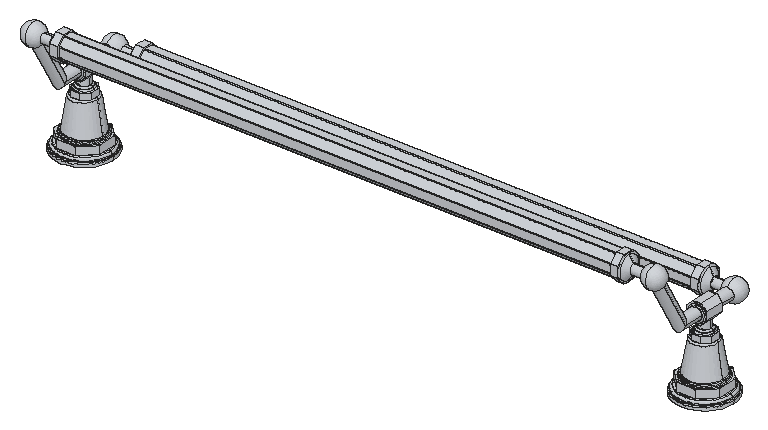
Revit family "Accessory-Towel_Bar-KOHLER-Pinstripe-K-13117_1", category Specialty Equipment, host Face, Revit 2015 (continued)
Definition of nested family "K-13117"
  Lines and regions (in)
    symbolic lines, detail levels medium+fine
      curve 124: arc (-12.17318, 0, 2.13685) -> (-11.99921, 0, 2.15593) -> (-11.82524, 0, 2.13685) r 0.80252
      curve 125: arc (-11.82619, 0, 2.13706) -> (-11.7026, 0, 2.15712) -> (-11.57909, 0, 2.13657) r 0.38614
      curve 126: arc (-12.17318, 0, 1.95893) -> (-12.29622, 0, 1.93866) -> (-12.4193, 0, 1.95866) r 0.38614
      curve 127: arc (-12.17318, 0, 1.95893) -> (-11.99921, 0, 1.93985) -> (-11.82524, 0, 1.95893) r 0.80252
      curve 128: arc (-11.82619, 0, 1.95872) -> (-11.7026, 0, 1.93866) -> (-11.57909, 0, 1.9592) r 0.38614
      curve 129: arc (-10.9552, 0, 3.11356) -> (-10.98818, 0, 3.26005) -> (-10.9552, 0, 3.40655) r 0.34179
      curve 130: arc (-10.9552, 0, 3.11356) -> (-10.98851, 0, 2.90645) -> (-10.9552, 0, 2.69934) r 0.66043
      curve 131: arc (-10.9552, 0, 2.69934) -> (-10.98435, 0, 2.55285) -> (-10.9552, 0, 2.40635) r 0.38261
      curve 132: line (0.03385, 0, 5.26945) -> (-10.9552, 0, 5.26945)
      curve 133: line (0.03385, 0, 4.85523) -> (-10.9552, 0, 4.85523)
      curve 134: arc (-10.9552, 0, 5.26945) -> (-10.98818, 0, 5.41594) -> (-10.9552, 0, 5.56244) r 0.34179
      curve 135: arc (-10.9552, 0, 5.26945) -> (-10.98851, 0, 5.06234) -> (-10.9552, 0, 4.85523) r 0.66043
      curve 136: arc (-10.9552, 0, 4.85523) -> (-10.98435, 0, 4.70807) -> (-10.95469, 0, 4.56101) r 0.38261
      curve 137: line (-11.78672, 1.10514, 0) -> (-11.78683, 0.44089, 0)
      curve 138: line (-12.21469, 1.10478, 0) -> (-12.21469, 0.44089, 0)
      curve 139: line (-12.21469, 1.10478, 0) -> (-11.78672, 1.10514, 0)
      curve 140: line (-11.62497, 0.37489, 0) -> (-11.62497, -0.37489, 0)
      curve 141: line (-11.84396, 0.33429, 0) -> (-11.84396, -0.33429, 0)
      curve 142: line (-11.78683, 0.44089, 0) -> (-11.73269, 0.44089, 0)
      curve 143: arc (-11.73269, 0.44089, 0) -> (-11.70879, 0.43093, 0) -> (-11.69903, 0.40695, 0) r 0.03366
      curve 144: arc (-11.69903, 0.40695, 0) -> (-11.68965, 0.38413, 0) -> (-11.66679, 0.37489, 0) r 0.03179
      curve 145: line (-11.66679, 0.37489, 0) -> (-11.62497, 0.37489, 0)
      curve 146: line (-11.77257, -0.44089, 0) -> (-11.73269, -0.44089, 0)
      curve 147: arc (-11.73269, -0.44089, 0) -> (-11.70879, -0.43093, 0) -> (-11.69903, -0.40695, 0) r 0.03366
      curve 148: arc (-11.69903, -0.40695, 0) -> (-11.68965, -0.38413, 0) -> (-11.66679, -0.37489, 0) r 0.03179
      curve 149: line (-11.66679, -0.37489, 0) -> (-11.62497, -0.37489, 0)
      curve 150: line (-11.6295, -2.25471, 0) -> (-11.6295, -2.61525, 0)
      curve 151: line (-11.77257, -1.1015, 0) -> (-11.77257, -0.44089, 0)
      curve 152: line (-12.37503, 0.37489, 0) -> (-12.37503, -0.37489, 0)
      curve 153: line (-12.15604, 0.33429, 0) -> (-12.15604, -0.33429, 0)
      curve 154: line (-12.21469, 0.44089, 0) -> (-12.26731, 0.44089, 0)
      curve 155: arc (-12.26731, 0.44089, 0) -> (-12.29121, 0.43093, 0) -> (-12.30097, 0.40695, 0) r 0.03366
      curve 156: arc (-12.30097, 0.40695, 0) -> (-12.31035, 0.38413, 0) -> (-12.33321, 0.37489, 0) r 0.03179
      curve 157: line (-12.33321, 0.37489, 0) -> (-12.37503, 0.37489, 0)
      curve 158: line (-12.22743, -0.44089, 0) -> (-12.26731, -0.44089, 0)
      curve 159: arc (-12.26731, -0.44089, 0) -> (-12.29121, -0.43093, 0) -> (-12.30097, -0.40695, 0) r 0.03366
      curve 160: arc (-12.30097, -0.40695, 0) -> (-12.31035, -0.38413, 0) -> (-12.33321, -0.37489, 0) r 0.03179
      curve 161: line (-12.33321, -0.37489, 0) -> (-12.37503, -0.37489, 0)
      curve 162: line (-12.22743, -0.44089, 0) -> (-12.22743, -1.1015, 0)
      curve 163: line (-11.77257, -0.44089, 0) -> (-12.22743, -0.44089, 0)
      curve 164: line (-11.78683, 0.44089, 0) -> (-12.21469, 0.44089, 0)
      curve 165: line (-11.66679, 0.37489, 0) -> (-12.33321, 0.37489, 0)
      curve 166: line (-11.66679, -0.37489, 0) -> (-12.33321, -0.37489, 0)
      curve 167: arc (-11.84396, -0.33429, 0) -> (-11.73446, -0.36169, 0) -> (-11.62497, -0.33429, 0) r 0.2325
      curve 168: arc (-11.84396, -0.33429, 0) -> (-12, -0.36059, 0) -> (-12.15604, -0.33429, 0) r 0.47614
      curve 169: arc (-12.15604, -0.33429, 0) -> (-12.26554, -0.36169, 0) -> (-12.37503, -0.33429, 0) r 0.2325
      curve 170: arc (-11.84396, 0.33429, 0) -> (-11.73446, 0.36169, 0) -> (-11.62497, 0.33429, 0) r 0.2325
      curve 171: arc (-11.84396, 0.33429, 0) -> (-12, 0.36059, 0) -> (-12.15604, 0.33429, 0) r 0.47614
      curve 172: arc (-12.15604, 0.33429, 0) -> (-12.26554, 0.36169, 0) -> (-12.37503, 0.33429, 0) r 0.2325
      curve 173: line (-11.6347, 0.88011, 0) -> (-11.11921, 0.36461, 0)
      curve 174: line (-11.11921, 0.36461, 0) -> (-11.11921, -0.3644, 0)
      curve 175: line (-11.11921, -0.3644, 0) -> (-11.6347, -0.87989, 0)
      curve 176: line (-11.78676, 0.88011, 0) -> (-11.6347, 0.88011, 0)
      curve 177: line (-11.6347, -0.87989, 0) -> (-11.77257, -0.87989, 0)
      curve 178: arc (-11.62497, 0.29157, 0) -> (-11.52496, 0, 0) -> (-11.62497, -0.29157, 0) r 0.47504
      curve 179: arc (-11.78675, 0.94043, 0) -> (-11.03572, 0.00728, 0) -> (-11.77257, -0.93711, 0) r 0.96431
      curve 180: line (-12.3653, 0.88011, 0) -> (-12.88079, 0.36461, 0)
      curve 181: line (-12.88079, 0.36461, 0) -> (-12.88079, -0.3644, 0)
      curve 182: line (-12.88079, -0.3644, 0) -> (-12.3653, -0.87989, 0)
      curve 183: line (-12.21469, 0.88011, 0) -> (-12.3653, 0.88011, 0)
      curve 184: line (-12.3653, -0.87989, 0) -> (-12.22743, -0.87989, 0)
      curve 185: arc (-12.37503, 0.29157, 0) -> (-12.47504, 0, 0) -> (-12.37503, -0.29157, 0) r 0.47504
      curve 186: arc (-12.21469, 0.94011, 0) -> (-12.96429, 0.00654, 0) -> (-12.22743, -0.93711, 0) r 0.96431
      curve 187: arc (-12.21469, 0.77242, 0) -> (-12.80167, 0.00663, 0) -> (-12.22743, -0.76876, 0) r 0.8017
      curve 188: arc (-11.77257, -0.76876, 0) -> (-11.19833, 0.00738, 0) -> (-11.78677, 0.77282, 0) r 0.8017
      curve 189: arc (-11.77257, -2.09076, 0) -> (-12, -2.02111, 0) -> (-12.22743, -2.09076, 0) r 0.40615
      curve 190: line (-10.69714, -1.98784, 0) -> (-10.69714, -2.88137, 0)
      curve 191: line (-10.9966, -1.9289, 0) -> (-10.99763, -2.92482, 0)
      curve 192: line (-11.22584, -2.25471, 0) -> (-11.22464, -2.61452, 0)
      curve 193: line (-0.00215, -2.63193, 0) -> (-10.95536, -2.63193, 0)
      curve 194: arc (-10.95536, -1.92482, 0) -> (-10.98884, -2.07126, 0) -> (-10.95536, -2.21771, 0) r 0.33704
      curve 195: arc (-10.95536, -2.21771, 0) -> (-10.98988, -2.42482, 0) -> (-10.95536, -2.63193, 0) r 0.63856
      curve 196: arc (-10.95536, -2.63193, 0) -> (-10.98863, -2.77837, 0) -> (-10.95536, -2.92482, 0) r 0.33891
      curve 197: line (-10.69724, 1.89799, 0) -> (-10.69714, 0.99455, 0)
      curve 198: line (-10.9966, 1.95019, 0) -> (-10.9966, 0.95111, 0)
      curve 199: line (-0.12907, 1.65821, 0) -> (-10.95536, 1.65821, 0)
      curve 200: line (0, 1.244, 0) -> (-10.95536, 1.244, 0)
      curve 201: arc (-10.95581, 1.95019, 0) -> (-10.98884, 1.80415, 0) -> (-10.95536, 1.65821, 0) r 0.33704
      curve 202: arc (-10.95536, 1.65821, 0) -> (-10.98988, 1.45111, 0) -> (-10.95536, 1.244, 0) r 0.63856
      curve 203: arc (-10.95536, 1.244, 0) -> (-10.98863, 1.09755, 0) -> (-10.95536, 0.95111, 0) r 0.33891
      curve 204: line (-11.62467, 1.63102, 0) -> (-11.63276, 1.27028, 0)
      curve 205: line (11.78683, 1.10508, 0) -> (11.78683, 0.44089, 0)
      curve 206: line (12.21469, 1.10478, 0) -> (12.21469, 0.44089, 0)
      curve 207: line (12.21469, 1.10478, 0) -> (11.78683, 1.10508, 0)
      curve 208: line (11.62497, 0.37489, 0) -> (11.62497, -0.37489, 0)
      curve 209: line (11.84396, 0.33429, 0) -> (11.84396, -0.33429, 0)
      curve 210: line (11.78683, 0.44089, 0) -> (11.73269, 0.44089, 0)
      curve 211: arc (11.73269, 0.44089, 0) -> (11.70879, 0.43093, 0) -> (11.69903, 0.40695, 0) r 0.03366
      curve 212: arc (11.69903, 0.40695, 0) -> (11.68965, 0.38413, 0) -> (11.66679, 0.37489, 0) r 0.03179
      curve 213: line (11.66679, 0.37489, 0) -> (11.62497, 0.37489, 0)
      curve 214: line (11.77257, -0.44089, 0) -> (11.73269, -0.44089, 0)
      curve 215: arc (11.73269, -0.44089, 0) -> (11.70879, -0.43093, 0) -> (11.69903, -0.40695, 0) r 0.03366
      curve 216: arc (11.69903, -0.40695, 0) -> (11.68965, -0.38413, 0) -> (11.66679, -0.37489, 0) r 0.03179
      curve 217: line (11.66679, -0.37489, 0) -> (11.62497, -0.37489, 0)
      curve 218: line (11.6295, -2.25471, 0) -> (11.6295, -2.61525, 0)
      curve 219: line (11.77257, -1.1015, 0) -> (11.77257, -0.44089, 0)
      curve 220: line (12.37503, 0.37489, 0) -> (12.37503, -0.37489, 0)
      curve 221: line (12.15604, 0.33429, 0) -> (12.15604, -0.33429, 0)
      curve 222: line (12.21469, 0.44089, 0) -> (12.26731, 0.44089, 0)
      curve 223: arc (12.26731, 0.44089, 0) -> (12.29121, 0.43093, 0) -> (12.30097, 0.40695, 0) r 0.03366
      curve 224: arc (12.30097, 0.40695, 0) -> (12.31035, 0.38413, 0) -> (12.33321, 0.37489, 0) r 0.03179
      curve 225: line (12.33321, 0.37489, 0) -> (12.37503, 0.37489, 0)
      curve 226: line (12.22743, -0.44089, 0) -> (12.26731, -0.44089, 0)
      curve 227: arc (12.26731, -0.44089, 0) -> (12.29121, -0.43093, 0) -> (12.30097, -0.40695, 0) r 0.03366
      curve 228: arc (12.30097, -0.40695, 0) -> (12.31035, -0.38413, 0) -> (12.33321, -0.37489, 0) r 0.03179
      curve 229: line (12.33321, -0.37489, 0) -> (12.37503, -0.37489, 0)
      curve 230: line (12.22743, -0.44089, 0) -> (12.22743, -1.1015, 0)
      curve 231: line (11.77257, -0.44089, 0) -> (12.22743, -0.44089, 0)
      curve 232: line (11.78683, 0.44089, 0) -> (12.21469, 0.44089, 0)
      curve 233: line (11.66679, 0.37489, 0) -> (12.33321, 0.37489, 0)
      curve 234: line (11.66679, -0.37489, 0) -> (12.33321, -0.37489, 0)
      curve 235: arc (11.84396, -0.33429, 0) -> (11.73446, -0.36169, 0) -> (11.62497, -0.33429, 0) r 0.2325
      curve 236: arc (11.84396, -0.33429, 0) -> (12, -0.36059, 0) -> (12.15604, -0.33429, 0) r 0.47614
      curve 237: arc (12.15604, -0.33429, 0) -> (12.26554, -0.36169, 0) -> (12.37503, -0.33429, 0) r 0.2325
      curve 238: arc (11.84396, 0.33429, 0) -> (11.73446, 0.36169, 0) -> (11.62497, 0.33429, 0) r 0.2325
      curve 239: arc (11.84396, 0.33429, 0) -> (12, 0.36059, 0) -> (12.15604, 0.33429, 0) r 0.47614
      curve 240: arc (12.15604, 0.33429, 0) -> (12.26554, 0.36169, 0) -> (12.37503, 0.33429, 0) r 0.2325
      curve 241: line (11.6347, 0.88011, 0) -> (11.11921, 0.36461, 0)
      curve 242: line (11.11921, 0.36461, 0) -> (11.11921, -0.3644, 0)
      curve 243: line (11.11921, -0.3644, 0) -> (11.6347, -0.87989, 0)
      curve 244: line (11.78683, 0.88011, 0) -> (11.6347, 0.88011, 0)
      curve 245: line (11.6347, -0.87989, 0) -> (11.77257, -0.87989, 0)
      curve 246: arc (11.62497, 0.29157, 0) -> (11.52496, 0, 0) -> (11.62497, -0.29157, 0) r 0.47504
      curve 247: arc (11.78683, 0.94045, 0) -> (11.03572, 0.00732, 0) -> (11.77257, -0.93711, 0) r 0.96431
      curve 248: line (12.3653, 0.88011, 0) -> (12.88079, 0.36461, 0)
      curve 249: line (12.88079, 0.36461, 0) -> (12.88079, -0.3644, 0)
      curve 250: line (12.88079, -0.3644, 0) -> (12.3653, -0.87989, 0)
      curve 251: line (12.21469, 0.88011, 0) -> (12.3653, 0.88011, 0)
      curve 252: line (12.3653, -0.87989, 0) -> (12.22743, -0.87989, 0)
      curve 253: arc (12.37503, 0.29157, 0) -> (12.47504, 0, 0) -> (12.37503, -0.29157, 0) r 0.47504
      curve 254: arc (12.21469, 0.94011, 0) -> (12.96429, 0.00654, 0) -> (12.22743, -0.93711, 0) r 0.96431
      curve 255: arc (12.21469, 0.77242, 0) -> (12.80167, 0.00663, 0) -> (12.22743, -0.76876, 0) r 0.8017
      curve 256: arc (11.77257, -0.76876, 0) -> (11.19833, 0.00741, 0) -> (11.78683, 0.77284, 0) r 0.8017
      curve 257: arc (11.77257, -2.09076, 0) -> (12, -2.02111, 0) -> (12.22743, -2.09076, 0) r 0.40615
      curve 258: line (10.69714, -1.98784, 0) -> (10.69714, -2.88137, 0)
      curve 259: line (10.9966, -1.9289, 0) -> (10.9966, -2.92482, 0)
      curve 260: line (11.22584, -2.25471, 0) -> (11.22464, -2.61452, 0)
      curve 261: line (-10.95536, -2.21771, 0) -> (10.95536, -2.21771, 0)
      curve 262: line (-0.00215, -2.63193, 0) -> (10.95536, -2.63193, 0)
      curve 263: arc (10.95536, -1.92482, 0) -> (10.98884, -2.07126, 0) -> (10.95536, -2.21771, 0) r 0.33704
      curve 264: arc (10.95536, -2.21771, 0) -> (10.98988, -2.42482, 0) -> (10.95536, -2.63193, 0) r 0.63856
      curve 265: arc (10.95536, -2.63193, 0) -> (10.98863, -2.77837, 0) -> (10.95536, -2.92482, 0) r 0.33891
      curve 266: line (10.69724, 1.89799, 0) -> (10.69714, 0.99455, 0)
      curve 267: line (10.9966, 1.95019, 0) -> (10.9966, 0.95111, 0)
      curve 268: line (-0.12907, 1.65821, 0) -> (10.95536, 1.65821, 0)
      curve 269: line (0, 1.244, 0) -> (10.95536, 1.244, 0)
      curve 270: arc (10.95581, 1.95019, 0) -> (10.98884, 1.80415, 0) -> (10.95536, 1.65821, 0) r 0.33704
      curve 271: arc (10.95536, 1.65821, 0) -> (10.98988, 1.45111, 0) -> (10.95536, 1.244, 0) r 0.63856
      curve 272: arc (10.95536, 1.244, 0) -> (10.98863, 1.09755, 0) -> (10.95536, 0.95111, 0) r 0.33891
      curve 273: line (11.62467, 1.63102, 0) -> (11.63276, 1.27028, 0)
      curve 274: line (11.22556, 1.63102, 0) -> (11.22556, 1.27028, 0)
      curve 275: line (-11.22556, 1.63102, 0) -> (-11.22556, 1.27028, 0)
      curve 276: arc (-11.77257, -1.18297, 0) -> (-12, -1.07242, 0) -> (-12.22743, -1.18297, 0) r 0.28921
      curve 277: arc (11.77257, -1.18297, 0) -> (12, -1.07242, 0) -> (12.22743, -1.18297, 0) r 0.28921
      curve 278: arc (-12.22659, 0, 4.72084) -> (-11.99919, 0, 4.65183) -> (-11.77179, 0, 4.72084) r 0.40914
      curve 279: arc (-11.77179, 0, 3.25956) -> (-11.99919, 0, 3.32837) -> (-12.22659, 0, 3.25956) r 0.41016
      curve 280: arc (-11.77375, 0, 2.56974) -> (-11.99919, 0, 2.50302) -> (-12.22464, 0, 2.56974) r 0.41425
  Dimensions and locks (in)
    plane 4 to plane 5 = 26 1/4"
    plane 8 to level = 5 9/16"
    plane 12 to plane 11 = 4 7/8"
    aligned and locked: plane 2 to level
Types (4): name | Type | Model | Finish
  (no name) | 1 | "K-13117-CP" | Kohler-Metal-CP-Polished_Chrome
  CP-Polished Chrome | 1 | "K-13117-CP" | Kohler-Metal-CP-Polished_Chrome
  SN-Vibrant Polished Nickel | 2 | "K-13117-SN" | Kohler-Metal-SN-Vibrant_Polished_Nickel
  BN-Vibrant Brushed Nickel | 3 | "K-13117-BN" | Kohler-Metal-BN-Vibrant_Brushed_Nickel
